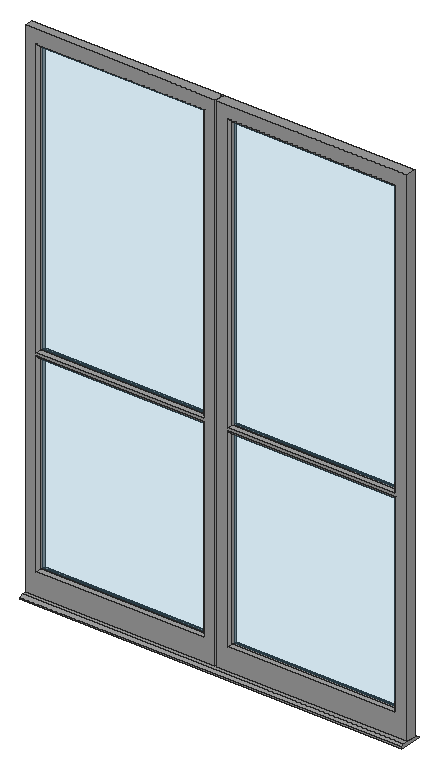
Revit family "NS-212 DOOR-Double-0.25-PD-SF_v05", category Curtain Panels, Revit 2015
Parameters
  Width [instance] = 6' - 2"
  URL = "obe.com"
  Rough Width [instance] = 6' - 0"
  Offset [instance] = 0' - 0"
  Model = "NS-212 DOOR"
  Min Panel Width [instance] = if(Rough Width > 5' 11 255/256", Rough Width, 6' 0")  # 6' - 0"
  Manufacturer = "Oldcastle BuildingEnvelope®"
  Keynote = "08 11 00"
  Height [instance] = 8' - 0"
  Pushbar Height [instance] = 3' - 5 1/4"  # constant formula
  Glass Material = Glass
  Frame Material = Aluminum
  Door Panel Height [instance] = Height + 0' 0 15/32"  # 8' - 0 15/32"
  Description = "NS.212 - 1/4\" Door Infill"
  Assembly Code = "B2030"
  Analytic Construction = "<None>"
  8 Muntin [instance] = no
  6.5 Muntin [instance] = no
  6.5 Bottom Rail [instance] = not([4 Bottom Rail])  # no
  4 Muntin [instance] = no
  4 Bottom Rail [instance] = yes
  1.875 Muntin [instance] = no
  0.5 Muntin [instance] = if(or([1.875 Muntin], [4 Muntin], [6.5 Muntin], [8 Muntin]), 1 = 2, 1 = 1)  # yes
Reference planes (in)
  plane 1 "Front": y = 0
  plane 2: z = 0
  plane 3 "Center (Left/Right)": x = 0
  plane 4 "Left": x = -37
  plane 5 "Right": x = 37
  plane 6 "Top": z = 96
  plane 7: x = -36
  plane 8: x = 36
Text (in)
  text "Exterior" at (-54.29358, 31.38743, 0), in view "Ref. Level"
  text "Exterior" at (480, 41.53993, 89.60405), in view "Right"
  text "Exterior" at (-240, 57.82419, 105.78864), in view "Left"
Dimensions and locks (in)
  equal spacing: plane 4 "Left", plane 3 "Center (Left/Right)", plane 5 "Right"
  "Width": plane 4 "Left" to plane 5 "Right"
  plane 6 "Top" to plane 2 = 8' - 0"
  "Height": plane 2 to plane 6 "Top"
  equal spacing: plane 7, plane 3 "Center (Left/Right)", plane 8
  "Min Panel Width": plane 7 to plane 8
  aligned and locked: level to plane 2
  aligned and locked: plane 3 "Center (Left/Right)" to nested 1
  aligned and locked: plane 1 "Front" to nested 1
Nested families (in)
  nested 1: "NS-212 DOOR-Double-0.25-PD-Panel_v04" at (0, -11, 0), Frame Material <- "Frame Material", Glass Material <- "Glass Material", 0.5 Muntin <- "0.5 Muntin", 1.875 Muntin <- "1.875 Muntin", 4 Muntin <- "4 Muntin", 6.5 Muntin <- "6.5 Muntin", 8 Muntin <- "8 Muntin", 4 Bottom Rail <- "4 Bottom Rail", Height <- "Door Panel Height", Width <- "Min Panel Width", Offset <- "Offset", type "NS-212 DOOR-Double-0.25-Panel"
    with Wing Width 3' - 0", built-in parameter 1001301 6' - 0", Pushbar Height 3' - 5 1/4", Offset 0' - 0", built-in parameter 1001300 8' - 0 15/32", Glass at Muntin 0' - 1 1/16", Glass Material Glass, Frame Material Aluminum, Bottom Rail 0' - 4 31/32", 8 Muntin no, 6.5 Muntin no, 6.5 Bottom Rail no, 4 Muntin no, 4 Bottom Rail yes, 1.875 Muntin no, 0.5 Muntin yes
Definition of nested family "NS-212 DOOR-Double-0.25-PD-Panel_v04"
  Parameters (values of type "NS-212 DOOR-Double-0.25-Panel")
    Wing Width [instance] = Width / 2  # 3' - 4 1/8"
    Width [instance] = 6' - 8 1/4"
    Offset [instance] = 0' - 10 15/16"
    Height [instance] = 8' - 0"
    Glass at Muntin [instance] = if([8 Muntin], 0' 8 9/16", if([6.5 Muntin], 0' 7 1/16", if([4 Muntin], 0' 4 9/16", if([1.875 Muntin], 0' 2 109/256", 0' 1 1/16"))))  # 0' - 2 109/256"
    Pushbar Height [instance] = 3' - 5 1/4"  # constant formula
    Glass Material [instance] = none
    Frame Material [instance] = none
    Bottom Rail [instance] = if([4 Bottom Rail], 0' 4 31/32", 0' 7 15/32")  # 0' - 7 15/32"
    Analytic Construction = "<None>"
    8 Muntin [instance] = no
    6.5 Muntin [instance] = no
    6.5 Bottom Rail [instance] = not([4 Bottom Rail])  # yes
    4 Muntin [instance] = no
    4 Bottom Rail [instance] = no
    1.875 Muntin [instance] = yes
    0.5 Muntin [instance] = if(or([1.875 Muntin], [4 Muntin], [6.5 Muntin], [8 Muntin]), 1 = 2, 1 = 1)  # no
  Reference planes (in)
    plane 1 "00": y = -0.9375
    plane 2: z = 0
    plane 3 "Center (Left/Right)": x = 0
    plane 4: z = 96
    plane 5 "Center (Front/Back)": y = 11
    plane 6 "Exterior": y = -0.8125
    plane 7: z = 48
    plane 8: z = 80.875
    plane 9: x = -40.125
    plane 10: x = 40.125
    plane 11: z = 42.46289
    plane 12: z = 40.03711
    plane 13: z = 92.875
    plane 14: z = 7.46875
    plane 15 "Offset": y = 0.0625
    plane 16: z = 41.25
  Forms (in)
    Sweep 1, solid, material <- "Frame Material"
      path origin (0, -0.9375, 0) x (1, 0, 0) y (0, 0, 1)
        loop
          line (-39.9535, 96) -> (-0.22004, 96)
      profile origin (-20.08677, -0.9375, 96) x (0, 0, 1) y (0, -1, 0)
        loop
          line (-0.46875, -0.875) -> (-0.46875, 0.875) -> (-2.83968, 0.875) -> (-3.34375, 0.45204) -> (-3.34375, 0.125) -> (-3.125, 0.125) -> (-3.125, -0.125) -> (-3.34375, -0.125) -> (-3.34375, -0.45204) -> (-2.83968, -0.875) -> (-0.46875, -0.875)
    Sweep 2, solid, material <- "Frame Material"
      path origin (0, -0.9375, 0) x (1, 0, 0) y (0, 0, 1)
        loop
          line (-0.22004, 0) -> (-39.923, 0)
      profile origin (-20.07152, -0.9375, 0) x (0, 0, -1) y (0, -1, 0)
        loop
          line (-7.18343, -0.875) -> (-0.6875, -0.875) -> (-0.6875, 0.875) -> (-7.18343, 0.875) -> (-7.6875, 0.45204) -> (-7.6875, 0.125) -> (-7.46875, 0.125) -> (-7.46875, -0.125) -> (-7.6875, -0.125) -> (-7.6875, -0.45204) -> (-7.18343, -0.875)
    Sweep 3, solid, material <- "Frame Material"
      path origin (0, -0.9375, 0) x (1, 0, 0) y (0, 0, 1)
        loop
          line (40.125, 95.53125) -> (40.125, 0.6875)
      profile origin (40.125, -0.9375, 48.10937) x (0, -1, 0) y (1, 0, 0)
        loop
          line (-0.875, -0.0625) -> (-0.875, -2.18343) -> (-0.45204, -2.6875) -> (-0.125, -2.6875) -> (-0.125, -2.46875) -> (0.125, -2.46875) -> (0.125, -2.6875) -> (0.45204, -2.6875) -> (0.875, -2.18343) -> (0.875, -0.1715) -> (-0.875, -0.0625)
    Sweep 4, solid, material <- "Frame Material"
      path origin (0, 5, 0) x (1, 0, 0) y (0, 0, 1)
        loop
          line (-40.125, 95.53125) -> (-40.125, 0.6875)
      profile origin (-40.125, 5, 48.10938) x (0, -1, 0) y (1, 0, 0)
        loop
          line (6.8125, 0.1715) -> (6.8125, 2.18343) -> (6.38954, 2.6875) -> (6.0625, 2.6875) -> (6.0625, 2.46875) -> (5.8125, 2.46875) -> (5.8125, 2.6875) -> (5.48546, 2.6875) -> (5.0625, 2.18343) -> (5.0625, 0.0625) -> (6.8125, 0.1715)
    Sweep 5, solid, material <- "Frame Material"
      path origin (0, -0.9375, 0) x (1, 0, 0) y (0, 0, 1)
        loop
          line (-0.22004, 48) -> (-39.923, 48)
      profile origin (-20.07152, -0.9375, 48) x (0, 0, -1) y (0, -1, 0)
        loop
          line (5.31836, 0.45204) -> (5.31836, 0.125) -> (5.53711, 0.125) -> (5.53711, -0.125) -> (5.31836, -0.125) -> (5.31836, -0.45204) -> (5.82243, -0.875) -> (7.67757, -0.875) -> (8.18164, -0.45204) -> (8.18164, -0.125) -> (7.96289, -0.125) -> (7.96289, 0.125) -> (8.18164, 0.125) -> (8.18164, 0.45204) -> (7.67757, 0.875) -> (5.82243, 0.875) -> (5.31836, 0.45204)
    Sweep 6, solid, material <- "Frame Material"
      path origin (0, -0.9375, 0) x (1, 0, 0) y (0, 0, 1)
        loop
          line (0, 95.53125) -> (0, 0.6875)
      profile origin (0, -0.9375, 48.10937) x (0, -1, 0) y (1, 0, 0)
        loop
          line (-0.875, -0.22004) -> (-0.875, -2.18343) -> (-0.45204, -2.6875) -> (-0.125, -2.6875) -> (-0.125, -2.46875) -> (0.125, -2.46875) -> (0.125, -2.6875) -> (0.45204, -2.6875) -> (0.875, -2.18343) -> (0.875, -0.22004)
          arc (0.875, -0.22004) -> (0, -0.0625) -> (-0.875, -0.22004) r 2.50872
        loop
          arc (-0.875, 0.22004) -> (0, 0.0625) -> (0.875, 0.22004) r 2.50872
          line (0.875, 0.22004) -> (0.875, 2.18343) -> (0.45204, 2.6875) -> (0.125, 2.6875) -> (0.125, 2.46875) -> (-0.125, 2.46875) -> (-0.125, 2.6875) -> (-0.45204, 2.6875) -> (-0.875, 2.18343) -> (-0.875, 0.22004)
    Sweep 7, solid, material <- "Frame Material"
      path origin (0, -0.9375, 0) x (1, 0, 0) y (0, 0, 1)
        loop
          line (0.22004, 96) -> (39.923, 96)
      profile origin (20.07152, -0.9375, 96) x (0, 0, 1) y (0, -1, 0)
        loop
          line (-0.46875, -0.875) -> (-0.46875, 0.875) -> (-2.83968, 0.875) -> (-3.34375, 0.45204) -> (-3.34375, 0.125) -> (-3.125, 0.125) -> (-3.125, -0.125) -> (-3.34375, -0.125) -> (-3.34375, -0.45204) -> (-2.83968, -0.875) -> (-0.46875, -0.875)
    Sweep 8, solid, material <- "Frame Material"
      path origin (0, -0.9375, 0) x (1, 0, 0) y (0, 0, 1)
        loop
          line (39.923, 48) -> (0.22004, 48)
      profile origin (20.07152, -0.9375, 48) x (0, 0, -1) y (0, -1, 0)
        loop
          line (5.31836, 0.45204) -> (5.31836, 0.125) -> (5.53711, 0.125) -> (5.53711, -0.125) -> (5.31836, -0.125) -> (5.31836, -0.45204) -> (5.82243, -0.875) -> (7.67757, -0.875) -> (8.18164, -0.45204) -> (8.18164, -0.125) -> (7.96289, -0.125) -> (7.96289, 0.125) -> (8.18164, 0.125) -> (8.18164, 0.45204) -> (7.67757, 0.875) -> (5.82243, 0.875) -> (5.31836, 0.45204)
    Sweep 9, solid, material <- "Frame Material"
      path origin (0, -0.9375, 0) x (1, 0, 0) y (0, 0, 1)
        loop
          line (39.923, 0) -> (0.22004, 0)
      profile origin (20.07152, -0.9375, 0) x (0, 0, -1) y (0, -1, 0)
        loop
          line (-7.18343, -0.875) -> (-0.6875, -0.875) -> (-0.6875, 0.875) -> (-7.18343, 0.875) -> (-7.6875, 0.45204) -> (-7.6875, 0.125) -> (-7.46875, 0.125) -> (-7.46875, -0.125) -> (-7.6875, -0.125) -> (-7.6875, -0.45204) -> (-7.18343, -0.875)
    Extrusion 10, solid, material <- "Glass Material"
      sketch origin (0, 0, 0) x (1, 0, 0) y (0, 1, 0)
        loop
          line (-37.65625, -0.8125) -> (-37.65625, -1.0625) -> (-2.46875, -1.0625) -> (-2.46875, -0.8125) -> (-37.65625, -0.8125)
      from 7.46875 to 40.03711
    Extrusion 11, solid, material <- "Glass Material"
      sketch origin (0, 0, 0) x (1, 0, 0) y (0, 1, 0)
        loop
          line (2.46875, -0.8125) -> (2.46875, -1.0625) -> (37.65625, -1.0625) -> (37.65625, -0.8125) -> (2.46875, -0.8125)
      from 7.46875 to 40.03711
    Extrusion 12, solid, material <- "Glass Material"
      sketch origin (0, 0, 0) x (1, 0, 0) y (0, 1, 0)
        loop
          line (-2.46875, -0.8125) -> (-37.65625, -0.8125) -> (-37.65625, -1.0625) -> (-2.46875, -1.0625) -> (-2.46875, -0.8125)
      from 42.46289 to 92.875
    Extrusion 13, solid, material <- "Glass Material"
      sketch origin (0, 0, 0) x (1, 0, 0) y (0, 1, 0)
        loop
          line (37.65625, -0.8125) -> (2.46875, -0.8125) -> (2.46875, -1.0625) -> (37.65625, -1.0625) -> (37.65625, -0.8125)
      from 42.46289 to 92.875
    Sweep 14, solid, material <- "Frame Material"
      path origin (0, 0.0625, 0) x (1, 0, 0) y (0, 0, 1)
        loop
          line (-39.95425, 0) -> (39.95425, 0)
      profile origin (0, 0.0625, 0) x (0, 0, 1) y (0, -1, 0)
        loop
          line (0.5, 2.468) -> (0.19364, 3.125) -> (0, 3.125) -> (0, -0.875) -> (0.19364, -0.875) -> (0.5, -0.218) -> (0.5, 2.468)
  Cuts and joins
    joined: Sweep 1, Sweep 2, Sweep 3, Sweep 4, Sweep 5, Sweep 6, Sweep 7, Sweep 8, Sweep 9
  Lines and regions (in)
    model lines
      curve 1: line (-37.4375, -0.8125, 47.98431) -> (-2.6875, -0.8125, 92.65625)
      curve 2: line (-37.4375, -0.8125, 47.98431) -> (-2.46875, -0.8125, 7.46875)
      curve 3: line (37.4375, -0.8125, 47.98431) -> (2.6875, -0.8125, 92.65625)
      curve 4: line (37.4375, -0.8125, 47.98431) -> (2.46875, -0.8125, 7.46875)
  Dimensions and locks (in)
    "Height": plane 4 to level
    "Offset": plane 15 "Offset" to plane 5 "Center (Front/Back)"
    equal spacing: level, plane 7, plane 4
    locked: plane 3 "Center (Left/Right)" to Sweep 2 sketch curve at 0.22004
    Sweep 8 sketch curve to Sweep 8 sketch curve to Sweep 8 sketch curve = 0' - 0.28532" locked, 0' - 0" locked
    Sweep 8 sketch curve to Sweep 8 sketch curve to Sweep 8 sketch curve to Sweep 8 sketch curve to Sweep 8 sketch curve = 0' - 0" locked, 0' - 0.28532" locked, 0' - 0 7/32" locked, 0' - 0" locked
    Sweep 9 sketch curve to Sweep 9 sketch curve to Sweep 9 sketch curve to Sweep 9 sketch curve to Sweep 9 sketch curve = 0' - 0" locked, 0' - 0 7/32" locked, 0' - 0.28532" locked, 0' - 0" locked
    locked: Sweep 9 sketch curve to plane 3 "Center (Left/Right)" at 0.22004
    "Bottom Rail": Sweep 9 sketch curve to level
    Extrusion 11 sketch curve to plane 1 "00" to Extrusion 11 sketch curve = 0' - 0 1/8" locked, 0' - 0 1/8" locked
    locked: plane 3 "Center (Left/Right)" to Extrusion 11 sketch curve at 2.46875
    Extrusion 10 sketch curve to plane 1 "00" to Extrusion 10 sketch curve = 0' - 0 1/8" locked, 0' - 0 1/8" locked
    locked: Extrusion 10 sketch curve to plane 3 "Center (Left/Right)" at 2.46875
    locked: Extrusion 12 sketch curve to plane 3 "Center (Left/Right)" at 2.46875
    Extrusion 12 sketch curve to plane 1 "00" to Extrusion 12 sketch curve = 0' - 0 1/8" locked, 0' - 0 1/8" locked
    Extrusion 13 sketch curve to plane 1 "00" to Extrusion 13 sketch curve = 0' - 0 1/8" locked, 0' - 0 1/8" locked
    locked: plane 3 "Center (Left/Right)" to Extrusion 13 sketch curve at 2.46875
    locked: Sweep 6 sketch curve to plane 4 at 0.46875
    locked: plane 3 "Center (Left/Right)" to Sweep 1 sketch curve at 0.22004
    locked: Sweep 7 sketch curve to plane 3 "Center (Left/Right)" at 0.22004
    locked: plane 3 "Center (Left/Right)" to Sweep 5 sketch curve at 0.22004
    locked: Sweep 8 sketch curve to plane 3 "Center (Left/Right)" at 0.22004
    plane 4 to Sweep 4 sketch curve = 0' - 0 15/32"
    locked: plane 4 to Sweep 3 sketch curve at 0.46875
    locked: Sweep 5 sketch curve to plane 11 at 0.21875
    locked: plane 11 to Sweep 5 sketch curve at 0.21875
    locked: plane 12 to Sweep 5 sketch curve at 0.21875  (x2)
    locked: Sweep 5 sketch curve to plane 12 at 0.28532  (x2)
    locked: Sweep 5 sketch curve to plane 11 at 0.28532  (x2)
    locked: plane 13 to Sweep 1 sketch curve at 0.21875  (x2)
    locked: Sweep 1 sketch curve to plane 13 at 0.28532  (x2)
    locked: Sweep 2 sketch curve to plane 14 at 0.21875  (x2)
    locked: plane 14 to Sweep 2 sketch curve at 0.28532  (x2)
    locked: plane 4 to plane 13 at 3.125
    "Width": plane 9 to plane 10
    locked: Sweep 1 sketch curve to plane 9 at 0.1715
    locked: Sweep 5 sketch curve to plane 9 at 0.202
    locked: plane 10 to Sweep 8 sketch curve at 0.202
    locked: Sweep 2 sketch curve to plane 9 at 0.202
    locked: plane 10 to Sweep 9 sketch curve at 0.202
    locked: plane 10 to Sweep 7 sketch curve at 0.202
    equal spacing: plane 9, plane 3 "Center (Left/Right)", plane 10
    locked: plane 9 to Extrusion 10 sketch curve at 2.46875
    locked: Extrusion 11 sketch curve to plane 10 at 2.46875
    locked: plane 9 to Extrusion 12 sketch curve at 2.46875
    plane 1 "00" to plane 6 "Exterior" to plane 15 "Offset" = 0' - 0 1/8" locked, 0' - 0 7/8" locked
    locked: Extrusion 13 sketch curve to plane 10 at 2.46875
    "Glass at Muntin": plane 12 to plane 11
    equal spacing: plane 11, plane 16, plane 12
    "Pushbar Height": plane 16 to plane 2
    "Bottom Rail": plane 14 to level
    locked: plane 10 to Sweep 14 sketch curve at 0.17075
    locked: Sweep 14 sketch curve to plane 9 at 0.17075
    locked: Sweep 4 sketch curve to plane 2 at 0.6875
    locked: Sweep 6 sketch curve to plane 2 at 0.6875
    locked: Sweep 3 sketch curve to plane 2 at 0.6875
    aligned and locked: plane 2 to level
    aligned and locked: Sweep 1 sketch curve to plane 4
    aligned and locked: Sweep 2 sketch curve to level
    aligned and locked: Sweep 5 sketch curve to plane 7
    aligned and locked: plane 3 "Center (Left/Right)" to Sweep 6 sketch curve
    aligned and locked: Sweep 9 sketch curve to level
    aligned and locked: Sweep 8 sketch curve to plane 7
    aligned and locked: plane 4 to Sweep 7 sketch curve
    aligned and locked: Sweep 4 sketch curve to plane 9
    aligned and locked: Sweep 3 sketch curve to plane 10
    aligned and locked: Extrusion 10 to plane 12
    aligned and locked: plane 11 to Extrusion 12
    aligned and locked: plane 13 to Extrusion 12
    aligned and locked: Extrusion 10 to plane 14
    aligned and locked: plane 13 to Extrusion 13
    aligned and locked: Sweep 8 sketch curve to plane 11
    aligned and locked: Sweep 8 sketch curve to plane 12
    aligned and locked: plane 11 to Extrusion 13
    aligned and locked: Extrusion 11 to plane 12
    aligned and locked: Extrusion 11 to plane 14
    aligned and locked: Sweep 14 sketch curve to plane 2
  Automatic sketch dimensions
    plane 1 "00" to Sweep 6 sketch curve = 0' - 0"  (x2)
    Sweep 6 sketch curve to plane 1 "00" = 0' - 0 1/8"  (x2)
    Sweep 6 sketch curve to Sweep 6 sketch curve = 0' - 0.32704"  (x4)
    Sweep 6 sketch curve to profile plane = 0' - 0.22004"
    Sweep 6 sketch curve to plane 1 "00" = 0' - 0 7/8"
    Sweep 6 sketch curve to Sweep 6 sketch curve = 0' - 0.42296"  (x3)
    plane 1 "00" to Sweep 6 sketch curve = 0' - 0 1/8"  (x2)
    profile plane to Sweep 6 sketch curve = 0' - 0.22004"
    Sweep 6 sketch curve to Sweep 6 sketch curve = 0' - 1.96339"  (x2)
    Sweep 6 sketch curve to Sweep 6 sketch curve = 0' - 0"  (x2)
    Sweep 6 sketch curve to Sweep 6 sketch curve = 0' - 0.28532"  (x2)
    Sweep 6 sketch curve to Sweep 6 sketch curve = 0' - 0.10247"  (x2)
    Sweep 6 sketch curve to Sweep 6 sketch curve = 0' - 0.11628"  (x4)
    plane 1 "00" to Sweep 7 sketch curve = 0' - 0 1/8"
    profile plane to Sweep 7 sketch curve = 0' - 3 11/32"
    Sweep 7 sketch curve to plane 1 "00" = 0' - 0.45204"
    Sweep 7 sketch curve to Sweep 7 sketch curve = 0' - 0"
    Sweep 7 sketch curve to Sweep 7 sketch curve = 0' - 0 7/32"
    plane 1 "00" to Sweep 7 sketch curve = 0' - 0 7/8"
    Sweep 7 sketch curve to Sweep 7 sketch curve = 0' - 0.50407"  (x2)
    profile plane to Sweep 7 sketch curve = 0' - 0 15/32"
    Sweep 7 sketch curve to plane 1 "00" = 0' - 0 7/8"
    Sweep 7 sketch curve to plane 1 "00" = 0' - 0 1/8"
    Sweep 7 sketch curve to Sweep 7 sketch curve = 0' - 0.32704"
    Sweep 4 sketch curve to plane 1 "00" = 0' - 0 7/8"
    Sweep 4 sketch curve to plane 1 "00" = 0' - 0.45204"
    Sweep 4 sketch curve to plane 1 "00" = 0' - 0 1/8"
    plane 1 "00" to Sweep 4 sketch curve = 0' - 0 1/8"
    Sweep 4 sketch curve to Sweep 4 sketch curve = 0' - 0.32704"
    Sweep 4 sketch curve to Sweep 4 sketch curve = 0' - 0.42296"
    Sweep 4 sketch curve to profile plane = 0' - 0 1/16"
    Sweep 4 sketch curve to profile plane = 0' - 0.1715"
    Sweep 4 sketch curve to profile plane = 0' - 2.18343"  (x2)
    Sweep 4 sketch curve to Sweep 4 sketch curve = 0' - 0.28532"
    Sweep 4 sketch curve to Sweep 4 sketch curve = 0' - 0 7/32"  (x2)
    Sweep 3 sketch curve to plane 1 "00" = 0' - 0 7/8"
    Sweep 3 sketch curve to plane 1 "00" = 0' - 0.45204"
    Sweep 3 sketch curve to plane 1 "00" = 0' - 0 1/8"
    plane 1 "00" to Sweep 3 sketch curve = 0' - 0 1/8"
    Sweep 3 sketch curve to Sweep 3 sketch curve = 0' - 0.32704"
    plane 1 "00" to Sweep 3 sketch curve = 0' - 0 7/8"
    profile plane to Sweep 3 sketch curve = 0' - 2 11/16"
    Sweep 3 sketch curve to Sweep 3 sketch curve = 0' - 0"
    Sweep 3 sketch curve to Sweep 3 sketch curve = 0' - 0 7/32"
    Sweep 3 sketch curve to Sweep 3 sketch curve = 0' - 0.50407"  (x2)
    profile plane to Sweep 3 sketch curve = 0' - 0.1715"
    profile plane to Sweep 3 sketch curve = 0' - 0 1/16"
    profile plane to Sweep 2 sketch curve = 0' - 0 11/16"
    Sweep 2 sketch curve to plane 1 "00" = 0' - 0.45204"
    Sweep 2 sketch curve to plane 1 "00" = 0' - 0 1/8"
    plane 1 "00" to Sweep 2 sketch curve = 0' - 0 1/8"
    Sweep 2 sketch curve to Sweep 2 sketch curve = 0' - 0.32704"
    Sweep 2 sketch curve to Sweep 2 sketch curve = 0' - 0.42296"  (x2)
    Sweep 5 sketch curve to Sweep 5 sketch curve = 0' - 0 7/32"  (x2)
    Sweep 5 sketch curve to plane 1 "00" = 0' - 0 7/8"
    Sweep 5 sketch curve to plane 1 "00" = 0' - 0.45204"  (x2)
    Sweep 5 sketch curve to plane 1 "00" = 0' - 0 1/8"  (x2)
    plane 1 "00" to Sweep 5 sketch curve = 0' - 0 1/8"  (x2)
    Sweep 5 sketch curve to Sweep 5 sketch curve = 0' - 0.32704"  (x2)
    Sweep 5 sketch curve to Sweep 5 sketch curve = 0' - 0.42296"
    Sweep 2 sketch curve to Sweep 2 sketch curve = 0' - 0 7/32"
    Sweep 8 sketch curve to Sweep 8 sketch curve = 0' - 0 7/32"  (x2)
    Sweep 8 sketch curve to plane 1 "00" = 0' - 0 7/8"
    Sweep 8 sketch curve to plane 1 "00" = 0' - 0.45204"  (x2)
    Sweep 8 sketch curve to plane 1 "00" = 0' - 0 1/8"  (x2)
    plane 1 "00" to Sweep 8 sketch curve = 0' - 0 1/8"  (x2)
    Sweep 8 sketch curve to Sweep 8 sketch curve = 0' - 0.32704"  (x2)
    Sweep 8 sketch curve to Sweep 8 sketch curve = 0' - 0.42296"
    profile plane to Sweep 14 sketch curve = 0' - 0"
    Sweep 14 sketch curve to profile plane = 0' - 0.19364"  (x2)
    Sweep 14 sketch curve to profile plane = 0' - 0 1/2"
    Sweep 14 sketch curve to plane 15 "Offset" = 0' - 0 7/8"
    Sweep 14 sketch curve to plane 15 "Offset" = 0' - 0.218"
    plane 15 "Offset" to Sweep 14 sketch curve = 0' - 2.468"
    Sweep 14 sketch curve to Sweep 14 sketch curve = 0' - 0.657"
    Sweep 1 sketch curve to Sweep 1 sketch curve = 0' - 0 7/32"
    profile plane to Sweep 1 sketch curve = 0' - 0 15/32"
    Sweep 1 sketch curve to plane 1 "00" = 0' - 0 7/8"
    Sweep 1 sketch curve to plane 1 "00" = 0' - 0.45204"
    Sweep 1 sketch curve to plane 1 "00" = 0' - 0 1/8"
    plane 1 "00" to Sweep 1 sketch curve = 0' - 0 1/8"
    Sweep 1 sketch curve to Sweep 1 sketch curve = 0' - 0.32704"
    Sweep 1 sketch curve to Sweep 1 sketch curve = 0' - 0.42296"
    curve 2 to plane 14 = 0' - 0"
    curve 4 to plane 14 = 0' - 0"
    curve 2 to plane 7 = 0' - 0.01569"
    plane 9 to curve 2 = 0' - 2 11/16"
    curve 4 to plane 7 = 0' - 0.01569"
    curve 4 to plane 10 = 0' - 2 11/16"
    curve 1 to plane 13 = 0' - 0 7/32"
    curve 1 to plane 3 "Center (Left/Right)" = 0' - 2 11/16"
    curve 2 to plane 3 "Center (Left/Right)" = 0' - 2 15/32"
    plane 3 "Center (Left/Right)" to curve 4 = 0' - 2 15/32"
    curve 3 to plane 13 = 0' - 0 7/32"
    plane 3 "Center (Left/Right)" to curve 3 = 0' - 2 11/16"
    profile plane to Sweep 9 sketch curve = 0' - 0 11/16"
    Sweep 9 sketch curve to plane 1 "00" = 0' - 0 7/8"
    Sweep 9 sketch curve to plane 1 "00" = 0' - 0.45204"
    Sweep 9 sketch curve to plane 1 "00" = 0' - 0 1/8"
    plane 1 "00" to Sweep 9 sketch curve = 0' - 0 1/8"
    Sweep 9 sketch curve to Sweep 9 sketch curve = 0' - 0.32704"
    Sweep 9 sketch curve to Sweep 9 sketch curve = 0' - 0.42296"
